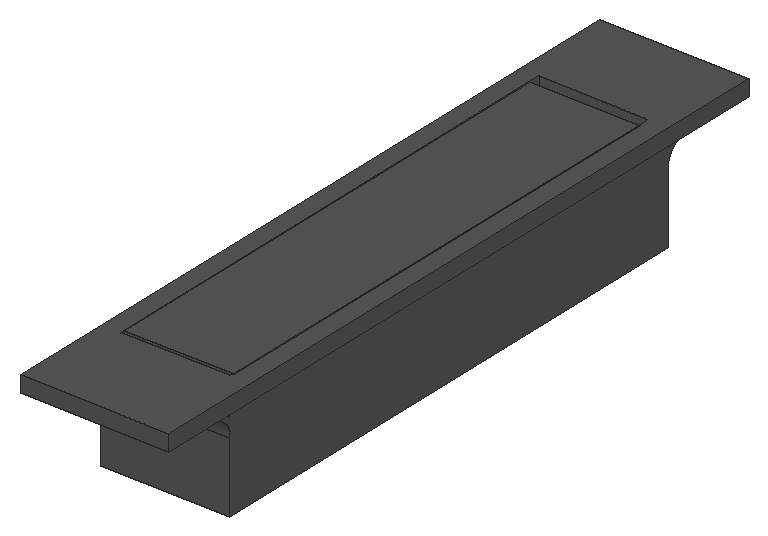
Revit family "ALMA-Hazel_Concealed_Hook_Pull_Handle", category Specialty Equipment, host Face, Revit 2026
Family settings
  Host = Face
  Round Connector Dimension = Use Diameter
  Part Type = Normal
  Enable Cutting in Views = Yes
  Cut with Voids When Loaded = Yes
  Maintain Annotation Orientation = No
  Shared = No
  Room Calculation Point = No
Parameters (values of type "MATTE BLACK (DCHPMB01)")
  Width = 18.5 mm
  Material = BM_MATTE BLACK
  Length = 90 mm
  Depth = 14.5 mm
  Default Elevation = 1219.2 mm
Types (6, lengths in mm): name | Material
  (no name) | BM_MATTE BLACK
  BRUSHED VINTAGE ANTIQUE BRASS (DCHPVB05) | BM_ANTIQUE BRASS
  BRUSHED NICKEL (DCHPBN04) | BM_NICKEL
  BRUSHED BRASS GOLD (DCHPGD02) | BM_BRASS GOLD
  BRUSHED GUNMETAL (DCHPGM03) | BM_GUNMETAL
  MATTE BLACK (DCHPMB01) | BM_MATTE BLACK
Reference planes
  plane 1 "Center (Front/Back)": y = 0
  plane 2: z = 0
  plane 3 "Center (Left/Right)": x = 0
  plane 4: x = -9.25
  plane 5: x = 9.25
  plane 6: x = -8
  plane 7: x = 8
  plane 8: y = -34
  plane 9: z = 2
  plane 10: z = -12.5
  plane 11: y = 45
  plane 12: y = 40
  plane 13: y = -45
  plane 14: y = -40
  plane 15: y = 32.648
  plane 16: y = -32.352
  plane 17: y = 34
Forms (mm)
  Extrusion 1, solid, material "BM_MATTE BLACK" <- "Material"
    sketch origin (0, 0, 0) x (1, 0, 0) y (0, 1, 0)
      loop
        line (-9.25, 45) -> (-9.25, -45) -> (9.25, -45) -> (9.25, 45) -> (-9.25, 45)
      loop
        line (-6.933, 32.648) -> (-6.933, -32.352) -> (6.8, -32.352) -> (6.8, 32.648) -> (-6.933, 32.648)
    from 0 to 2
  Extrusion 2, void
    sketch origin (0, 0, 0) x (1, 0, 0) y (0, 1, 0)
      loop
        line (-8, 34) -> (-8, -34) -> (8, -34) -> (8, 34) -> (-8, 34)
    from -12.5 to 0
  Extrusion 3, solid, material "BM_MATTE BLACK" <- "Material"
    sketch origin (0, 0, 0) x (1, 0, 0) y (0, 0, 1)
      loop
        line (-8, 0) -> (-8, -12.5) -> (8, -12.5) -> (8, 0) -> (7, 0) -> (7, -11.5) -> (-7, -11.5) -> (-7, 0) -> (-8, 0)
    from -34 to 34
  Extrusion 4, solid, material "BM_MATTE BLACK" <- "Material"
    sketch origin (0, 0, 0) x (0, -1, 0) y (0, 0, -1)
      loop
        line (40, 0.8) -> (37, 0.8)
        arc (37, 0.8) -> (34.879, 1.679) -> (34, 3.8) r 3
        line (34, 3.8) -> (34, 11.5) -> (33.2, 11.5) -> (33.2, 4)
        arc (33.2, 4) -> (34.372, 1.172) -> (37.2, 0) r 4
        line (37.2, 0) -> (40, 0) -> (40, 0.8)
    from -8 to 8
  Extrusion 5, solid, material "BM_MATTE BLACK" <- "Material"
    sketch origin (0, 0, 0) x (0, 1, 0) y (0, 0, 1)
      loop
        line (40, -0.8) -> (40, 0) -> (37.2, 0)
        arc (37.2, 0) -> (34.372, -1.172) -> (33.2, -4) r 4
        line (33.2, -4) -> (33.2, -11.5) -> (34, -11.5) -> (34, -3.8)
        arc (34, -3.8) -> (34.879, -1.679) -> (37, -0.8) r 3
        line (37, -0.8) -> (40, -0.8)
    from -8 to 8
  Extrusion 6, solid, material "BM_MATTE BLACK" <- "Material"
    sketch origin (0, -3.858, 0) x (0, 1, 0) y (0, 0, 1)
      loop
        line (35.026, 2) -> (-27.994, 2) -> (-27.994, -4.608)
        spline (-27.994, -4.608) -> (-27.959, -5.47) -> (-27.857, -6.318) -> (-27.688, -7.136) -> (-27.456, -7.911) -> (-27.164, -8.63) -> (-26.817, -9.28) -> (-26.423, -9.85) -> (-25.986, -10.33) -> (-25.515, -10.712) -> (-25.017, -10.99) -> (-24.502, -11.159) -> (-23.978, -11.215)
        spline (-23.978, -11.215) -> (-22.483, -10.369) -> (-22.181, -9.247) -> (-22.424, -8.114) -> (-22.647, -7.193) -> (-22.698, -6.456) -> (-22.562, -5.802) -> (-22.22, -5.125) -> (-21.604, -4.379) -> (-20.529, -3.639) -> (-18.795, -2.997) -> (-16.199, -2.544) -> (-12.543, -2.373)
        arc (-12.543, -2.373) -> (7.404, -3.268) -> (26.419, -9.359) r 75.544
        spline (26.419, -9.359) -> (26.938, -9.671) -> (27.441, -9.94) -> (27.929, -10.169) -> (28.402, -10.36) -> (28.861, -10.517) -> (29.308, -10.642) -> (29.743, -10.737) -> (30.167, -10.806) -> (30.581, -10.851) -> (30.986, -10.874) -> (31.383, -10.879) -> (31.773, -10.869)
        spline (31.773, -10.869) -> (32.197, -10.814) -> (32.615, -10.649) -> (33.017, -10.379) -> (33.399, -10.007) -> (33.753, -9.539) -> (34.073, -8.984) -> (34.353, -8.351) -> (34.59, -7.651) -> (34.778, -6.897) -> (34.915, -6.1) -> (34.998, -5.274) -> (35.026, -4.434)
        line (35.026, -4.434) -> (35.026, 2)
    from -6.933 to 6.8
Cuts and joins
  Extrusion 2 cuts Extrusion 1
  joined: Extrusion 3, Extrusion 4, Extrusion 5
Text (mm)
  text "Refer to www.buildmat.com.au for the most current product literature. \nAllow a +/- 5mm tolerance for dimensions shown in the product literature. \nPlease note product details are subject to change due to ongoing product development." at (1.508, -229.383, 0), in view "Ref. Level"
Dimensions and locks
  "Length": plane 13 to plane 11
  "Width": plane 4 to plane 5
  "Length": Extrusion 1 to Extrusion 1
  "Depth": plane 9 to plane 10
  locked: plane 9 to host face at 2
  host face to plane 10 = 12.5 mm
  aligned and locked: plane 2 to host face
  aligned and locked: level to host face
Automatic sketch dimensions
  host sketch curve to host sketch curve = 438.4 mm  (x2)
  Extrusion 1 sketch curve to plane 4 = 0 mm
  Extrusion 1 sketch curve to plane 15 = 0 mm
  plane 16 to Extrusion 1 sketch curve = 0 mm
  Extrusion 1 sketch curve to plane 5 = 0 mm
  plane 13 to Extrusion 1 sketch curve = 0 mm
  Extrusion 1 sketch curve to plane 11 = 0 mm
  plane 6 to Extrusion 1 sketch curve = 1.067 mm
  plane 7 to Extrusion 1 sketch curve = 1.2 mm
  Extrusion 2 sketch curve to plane 6 = 0 mm
  Extrusion 2 sketch curve to plane 7 = 0 mm
  Extrusion 2 sketch curve to plane 8 = 0 mm
  Extrusion 2 sketch curve to plane 17 = 0 mm
  Extrusion 3 sketch curve to plane 6 = 0 mm
  Extrusion 3 sketch curve to level = 0 mm  (x2)
  plane 7 to Extrusion 3 sketch curve = 0 mm
  Extrusion 3 sketch curve to plane 10 = 0 mm
  plane 6 to Extrusion 3 sketch curve = 1 mm
  plane 7 to Extrusion 3 sketch curve = 1 mm
  plane 10 to Extrusion 3 sketch curve = 1 mm
  Extrusion 4 sketch curve to plane 8 = 0 mm
  Extrusion 4 sketch curve to level = 0 mm
  Extrusion 4 sketch curve to plane 14 = 0 mm
  Extrusion 4 sketch curve to Extrusion 4 sketch curve = 0.8 mm
  Extrusion 4 sketch curve to plane 8 = 3 mm
  Extrusion 4 sketch curve to Extrusion 4 sketch curve = 0.2 mm
  Extrusion 4 sketch curve to level = 0.8 mm
  plane 10 to Extrusion 4 sketch curve = 1 mm
  Extrusion 5 sketch curve to plane 17 = 0 mm
  Extrusion 5 sketch curve to level = 0 mm
  Extrusion 5 sketch curve to plane 12 = 0 mm
  plane 15 to Extrusion 5 sketch curve = 0.552 mm
  Extrusion 5 sketch curve to Extrusion 5 sketch curve = 3 mm
  Extrusion 5 sketch curve to Extrusion 5 sketch curve = 0.2 mm  (x2)
  plane 10 to Extrusion 5 sketch curve = 1 mm
  Extrusion 6 sketch curve to plane 9 = 0 mm  (x3)
  Extrusion 6 sketch curve to plane 16 = 0.5 mm
  plane 10 to Extrusion 6 sketch curve = 1.285 mm
  Extrusion 6 sketch curve to plane 16 = 4.516 mm
  Extrusion 6 sketch curve to level = 2.373 mm
  Extrusion 6 sketch curve to Extrusion 6 sketch curve = 11.435 mm
  plane 1 "Center (Front/Back)" to Extrusion 6 sketch curve = 9.786 mm
  plane 10 to Extrusion 6 sketch curve = 3.141 mm
  Extrusion 6 sketch curve to plane 1 "Center (Front/Back)" = 22.561 mm
  plane 10 to Extrusion 6 sketch curve = 1.631 mm
  Extrusion 6 sketch curve to plane 15 = 4.734 mm
  Extrusion 6 sketch curve to plane 15 = 1.481 mm
